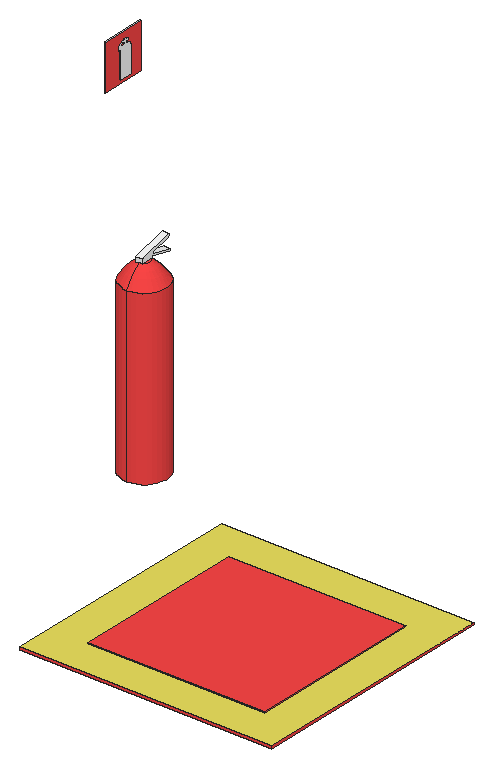
Revit family "Extintor_CO2", category Security Devices, Revit 2020
Family settings
  Maintain Annotation Orientation = No
  Round Connector Dimension = Use Diameter
  Part Type = Normal
  OmniClass Number = 23.40.20.00
  OmniClass Title = General Furniture and Specialties
  Work Plane-Based = No
  Always vertical = Yes
  Cut with Voids When Loaded = No
  Shared = No
  Room Calculation Point = Yes
Parameters
  Nozzle Finish = Metal - Nystrom - Stainless Steel
  INC_Validade Extintor [instance] = ""
  INC_Tipo de Extintor [instance] = ""
  INC_Classe de Fogo [instance] = ""
  INC_Carga do Extintor [instance] = ""
  INC_Altura Placa [instance] = 1.800335 m
  INC_Altura Extintor [instance] = 0.450 m
  INC_Altura Alça [instance] = 1.200 m
  INC_Agente do Extintor [instance] = ""
  Default Elevation = 0.000 m
  INC_Verificado [instance] = no
  ABNT_Visibilidade Placa [instance] = ""
  ABNT_Codigo de Sinalização [instance] = ""
Reference planes (m)
  plane 1: z = 0
  plane 2 "Eixo_Y": x = 0
  plane 3 "Eixo_X": y = -1.434717
  plane 4: z = 0.45
  plane 5 "Topo": z = 1.2
  plane 6: z = 1.800335
Forms (m)
  Extrusion 1, solid, material "CT_INC_Sinal_Vermelho", detail levels fine
    sketch origin (0.725, -1.104717, 0) x (1, 0, 0) y (0, 1, 0)
      loop
        line (-0.575, 0.02) -> (-0.575, -0.68) -> (0.125, -0.68) -> (0.125, 0.02) -> (-0.575, 0.02)
    from 0 to 0.01
  Extrusion 2, solid, material "CT_INC_Sinal_Vermelho", detail levels fine
    sketch origin (0.725, -1.104717, 0) x (1, 0, 0) y (0, 1, 0)
      loop
        line (-0.725, 0.17) -> (-0.725, -0.83) -> (0.275, -0.83) -> (0.275, 0.17) -> (-0.725, 0.17)
    from 0 to 0.009
  Extrusion 3, solid, detail levels fine
    sketch origin (0.00079, 0.350755, -0.071) x (0, -1, 0) y (0, 0, 1)
      loop
        line (1.752073, 1.996421) -> (1.752073, 1.891139) -> (1.801944, 1.891139) -> (1.801944, 1.996421) -> (1.801944, 2.000577) -> (1.800559, 2.003348) -> (1.797788, 2.006119) -> (1.793632, 2.007504) -> (1.781165, 2.007504) -> (1.781165, 2.017201) -> (1.78726, 2.017201) -> (1.804715, 2.004733) -> (1.804715, 1.996421) -> (1.808871, 1.996421) -> (1.808871, 2.008889) -> (1.789477, 2.024127) -> (1.788438, 2.022742) -> (1.781165, 2.022742) -> (1.781165, 2.025513) -> (1.772853, 2.025513) -> (1.772853, 2.022742) -> (1.767312, 2.022742) -> (1.763156, 2.021357) -> (1.763156, 2.018586) -> (1.767312, 2.017201) -> (1.772853, 2.017201) -> (1.772853, 2.007504) -> (1.761771, 2.007504) -> (1.757615, 2.006119) -> (1.754844, 2.003348) -> (1.753459, 2.000577) -> (1.752073, 1.996421)
    from 0 to -0.01
  Extrusion 4, solid, detail levels fine
    sketch origin (0.00079, 0.350755, -0.071) x (0, -1, 0) y (0, 0, 1)
      loop
        line (1.868458, 2.050314) -> (1.692487, 2.050314) -> (1.692487, 1.871335) -> (1.868458, 1.871335) -> (1.868458, 2.050314)
    from 0 to -0.005
  Revolve 5, solid, material "CT_INC_Extintor"
    sketch origin (0.09329, 0, 0) x (0, 1, 0) y (0, 0, 1)
      loop
        line (-1.434717, 1.2) -> (-1.457966, 1.2)
        spline (-1.457966, 1.2) -> (-1.467126, 1.19419) -> (-1.47508, 1.188171) -> (-1.481971, 1.182066) -> (-1.487943, 1.175999) -> (-1.493139, 1.170093) -> (-1.497702, 1.164471) -> (-1.501782, 1.159222) -> (-1.505575, 1.154172) -> (-1.509298, 1.149022) -> (-1.513168, 1.143475) -> (-1.517402, 1.137234) -> (-1.522217, 1.13)
        line (-1.522217, 1.13) -> (-1.522217, 0.45) -> (-1.434717, 0.45) -> (-1.434717, 1.2)
      axis (-1.434717, 1.2) -> (-1.434717, 0.45)
    angle from 0 to 360
  Extrusion 6, solid, material "Metal - Nystrom - Stainless Steel" <- "Nozzle Finish"
    sketch origin (0.091693, -1.553026, -2.994834) x (0, -1, 0) y (0, 0, -1)
      loop
        line (-0.095059, -4.194834) -> (-0.141557, -4.194834) -> (-0.141557, -4.20317) -> (-0.230479, -4.182641) -> (-0.230479, -4.19003) -> (-0.147721, -4.209136) -> (-0.147721, -4.213375) -> (-0.220556, -4.231535) -> (-0.227316, -4.238295) -> (-0.227316, -4.245318) -> (-0.095059, -4.212343) -> (-0.095059, -4.194834)
    from -0.0127 to 0.0127
Lines and regions (m)
  symbolic lines, style "04 - Combate a Incêndio"
    curve 1: line (0.196648, -1.388387, 0) -> (0.196648, -1.483387, 0)
    curve 2: line (0.096648, -1.388387, 0) -> (0.196648, -1.388387, 0)
    curve 3: line (0.096648, -1.483387, 0) -> (0.096648, -1.388387, 0)
    curve 4: line (0.196648, -1.483387, 0) -> (0.096648, -1.483387, 0)
    curve 5: line (0.45, -1.434717, 0) -> (0, -1.17491, 0)
    curve 6: line (0, -1.17491, 0) -> (0, -1.694525, 0)
    curve 7: line (0, -1.694525, 0) -> (0.45, -1.434717, 0)
Dimensions and locks (m)
  Extrusion 2 to Extrusion 1 to Extrusion 1 to Extrusion 2 = 0.150 m locked, 0.700 m locked, 0.150 m locked
  "INC_Altura Extintor": plane 4 to level
  "INC_Altura Alça": plane 5 "Topo" to level
  "INC_Altura Placa": plane 6 to level
  Extrusion 6 sketch curve to Extrusion 6 sketch curve to Extrusion 6 sketch curve to Extrusion 6 sketch curve to Extrusion 6 sketch curve to Extrusion 6 sketch curve to Extrusion 6 sketch curve to Extrusion 6 sketch curve to Extrusion 6 sketch curve = 0.00676 m, 0.01816 m, 0.001032 m, 0.003207 m, 0.005966 m, 0.008336 m, 0.004804 m, 0.007389 m
  Extrusion 6 sketch curve to Extrusion 6 sketch curve to Extrusion 6 sketch curve to Extrusion 6 sketch curve to Extrusion 6 sketch curve to Extrusion 6 sketch curve = 0.046498 m, 0.006164 m, 0.072835 m, 0.00676 m, 0.003163 m
  aligned and locked: plane 1 to level
Automatic sketch dimensions
  curve 6 to plane 2 "Eixo_Y" = 0.000 m
  plane 3 "Eixo_X" to curve 7 = 0.000 m
  curve 3 to plane 3 "Eixo_X" = 0.04633 m
  curve 3 to plane 2 "Eixo_Y" = 0.096648 m
  curve 2 to curve 2 = 0.100 m
  curve 1 to curve 7 = 0.253352 m
  plane 3 "Eixo_X" to curve 4 = 0.04867 m
  curve 6 to curve 3 = 0.211138 m
  curve 2 to curve 6 = 0.213477 m
  Extrusion 1 sketch curve to plane 2 "Eixo_Y" = 0.150 m
  plane 3 "Eixo_X" to Extrusion 1 sketch curve = 0.350 m
  Extrusion 1 sketch curve to Extrusion 1 sketch curve = 0.700 m
  Extrusion 1 sketch curve to plane 3 "Eixo_X" = 0.350 m
  Extrusion 2 sketch curve to plane 2 "Eixo_Y" = 0.000 m
  Extrusion 2 sketch curve to Extrusion 2 sketch curve = 1.000 m
  plane 3 "Eixo_X" to Extrusion 2 sketch curve = 0.500 m
  Extrusion 2 sketch curve to plane 3 "Eixo_X" = 0.500 m
  Extrusion 3 sketch curve to plane 3 "Eixo_X" = 0.033399 m
  Extrusion 3 sketch curve to Extrusion 3 sketch curve = 0.001385 m  (x7)
  Extrusion 3 sketch curve to Extrusion 3 sketch curve = 0.002771 m  (x8)
  Extrusion 3 sketch curve to Extrusion 3 sketch curve = 0.004156 m  (x9)
  Extrusion 3 sketch curve to Extrusion 3 sketch curve = 0.011082 m
  Extrusion 3 sketch curve to Extrusion 3 sketch curve = 0.000 m  (x5)
  Extrusion 3 sketch curve to plane 3 "Eixo_X" = 0.004307 m  (x2)
  plane 3 "Eixo_X" to Extrusion 3 sketch curve = 0.001788 m
  plane 3 "Eixo_X" to Extrusion 3 sketch curve = 0.002965 m
  Extrusion 3 sketch curve to Extrusion 3 sketch curve = 0.001039 m
  plane 3 "Eixo_X" to Extrusion 3 sketch curve = 0.00816 m
  plane 3 "Eixo_X" to Extrusion 3 sketch curve = 0.016472 m
  plane 6 to Extrusion 3 sketch curve = 0.019804 m
  Extrusion 3 sketch curve to Extrusion 3 sketch curve = 0.105283 m
  Extrusion 3 sketch curve to Extrusion 3 sketch curve = 0.009697 m
  Extrusion 3 sketch curve to Extrusion 3 sketch curve = 0.005541 m  (x2)
  Extrusion 4 sketch curve to plane 6 = 0.000 m
  Extrusion 4 sketch curve to plane 3 "Eixo_X" = 0.092986 m
  plane 3 "Eixo_X" to Extrusion 4 sketch curve = 0.082986 m
  plane 6 to Extrusion 4 sketch curve = 0.178979 m
  Revolve 5 sketch curve to plane 4 = 0.000 m  (x2)
  Revolve 5 sketch curve to plane 5 "Topo" = 0.000 m  (x2)
  Revolve 5 sketch curve to plane 3 "Eixo_X" = 0.000 m  (x2)
  Revolve 5 sketch curve to Revolve 5 sketch curve = 0.023249 m
  Revolve 5 sketch curve to Revolve 5 sketch curve = 0.0875 m
  Revolve 5 sketch curve to plane 5 "Topo" = 0.070 m
  Extrusion 6 sketch curve to plane 5 "Topo" = 0.000 m
  Extrusion 6 sketch curve to plane 3 "Eixo_X" = 0.112171 m
  Extrusion 6 sketch curve to Extrusion 6 sketch curve = 0.007023 m
